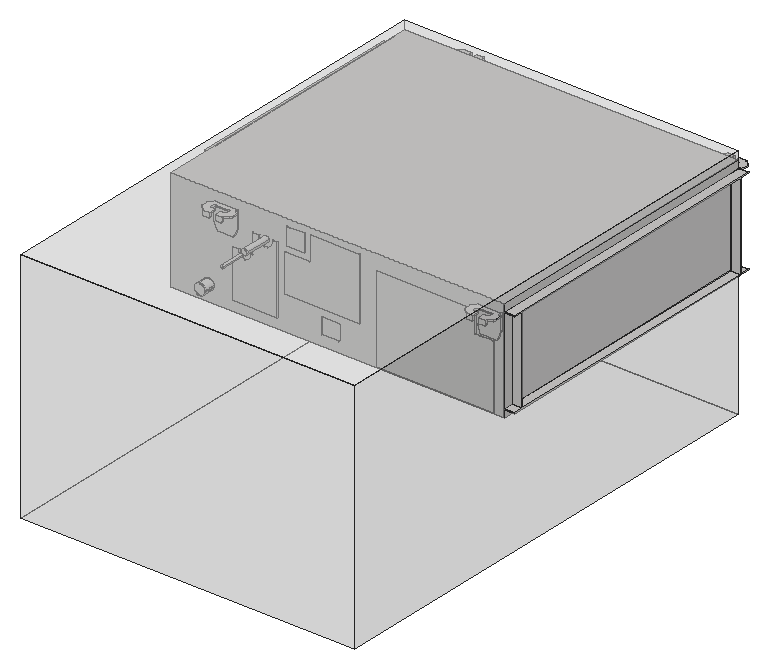
Revit family "outputfile", category 機械設備, Revit 2024
Family settings
  丸型コネクタ寸法 = 半径を使用
  パーツ タイプ = 標準
  OmniClass 番号 = 23.75.10.24.21.27.27
  OmniClass タイトル = Split System Air Conditioning Units
  作業面ベース = いいえ
  常に垂直 = はい
  ロード時にボイドで切り取り = いいえ
  注釈の向きを維持 = いいえ
  共有 = いいえ
  部屋計算ポイント = はい
Parameters (values of type "FBFC50DVMG")
  Description = ""
  製造元 = "Daikin"
  書き出し IFC クラス(タイプ) = "IfcUnitaryEquipmentType"
  定義済み IFC タイプ(タイプ) = "AIRCONDITIONINGUNIT"
  Cost = 0
  モデル = "FBFC50DVMG"
  Type Comments = ""
  Keynote = ""
  Type Image = (empty or 0)
  Assembly Code = ""
  switch_frequency = yes
  r_Liquid Pipe Size = Liquid Pipe Size / 2  # 3.2 mm
  r_Gas Pipe Size = Gas Pipe Size / 2  # 6.35 mm
  r_Drain Pipe Size = Drain Pipe Size / 2  # 12.5 mm
  lw_power = 770.0 mm  # constant formula
  lh_SA = 138.0 mm  # constant formula
  lw_SA = if(Depth = 550.0 mm, 225.0 mm, if(Depth = 700.0 mm, 300.0 mm, if(Depth = 1000.0 mm, 450.0 mm, if(Depth = 1400.0 mm, 650.0 mm, 725.0 mm))))  # 300.0 mm
  lw_RA = if(Depth = 550.0 mm, 275.0 mm, if(Depth = 700.0 mm, 349.0 mm, if(Depth = 1000.0 mm, 499.0 mm, if(Depth = 1400.0 mm, 699.0 mm, 775.0 mm))))  # 349.0 mm
  lh_power = 60.0 mm + [h***]  # 60.0 mm
  lh_mountinghole1 = lh_mountinghole + [h***]  # 222.0 mm
  lh_RA = 123.0 mm  # constant formula
  ld_power = Depth / 2  # 350.0 mm
  connector_voltage = Voltage_50Hz  # 230 V
  connector_powerinput = [Power Input (Cooling)]  # 0.000 kW
  connector_phase = Phase_50Hz  # 1
  Voltage_comment_50Hz = "220 - 240"
  Voltage_50Hz = 230 V
  URL = ""
  Supply Air Direction [instance] = yes
  Sound Power Level_H speed (dB) = 0
  Phase_50Hz = 1
  Minimum External Static Pressure = 30.00 Pa
  Minimum Circuit Amps_50Hz = 0.0 A
  Maximum Fuse Amps_50Hz = 0.0 A
  Maximum External Static Pressure = 130.00 Pa
  Material_Casing = DAIKIN_GalvanizedSteel_Casing_indoorunit
  lw_mountinghole = 630.0 mm  # constant formula
  lh_gaspipe = 183.0 mm + [h***]  # 183.0 mm
  lh_mountinghole = 222.0 mm  # constant formula
  lh_liquidpipe = 136.0 mm + [h***]  # 136.0 mm
  lh_drainpipe = 38.0 mm + [h***]  # 38.0 mm
  lh_antena = Height - lh_mountinghole + 1.0 mm  # 24.0 mm
  ld_drainpipe = Depth / 2 + 26.0 mm  # 376.0 mm
  ld_liquidpipe = Depth / 2 + 69.0 mm  # 419.0 mm
  ld_gaspipe = Depth / 2 + 65.0 mm  # 415.0 mm
  ld_mountinghole = Depth + 38.0 mm  # 738.0 mm
  h*** = 0.0 mm  # constant formula
  lw_liquidpipe = 179.0 mm  # constant formula
  lw_gaspipe = 229.0 mm  # constant formula
  lw_drainpipe = 91.0 mm  # constant formula
  Width = 800.0 mm
  Version = "ver.1.0"
  Unit Type = "M.S.P. Duct"
  Unit Mass Weight = 26.00 kg
  Unit Designation [instance] = ""
  Uniclass2015Version = "Products v1.30"
  Uniclass2015Title = "Split coil room air conditioning units"
  Uniclass2015Code = "Pr_70_65_03_86"
  Total Cooling Capacity [instance] = 0.000 kW
  Sound Pressure Level_M speed (dBA) = 35
  Sound Pressure Level_L speed (dBA) = 30
  Sound Pressure Level_H speed (dBA) = 37
  Series = "SkyAir_Fan Coil Unit"
  Sensible Cooling Capacity [instance] = 0.000 kW
  SA Duct Size Width = 492.0 mm
  SA Duct Size Height = 176.0 mm
  Refrigerant Type = "R32"
  RA Duct Size Width = 654.0 mm
  RA Duct Size Height = 208.0 mm
  Power Input (Cooling) = 0.000 kW
  Option Accessory 3 [instance] = ""
  Option Accessory 2 [instance] = ""
  Option Accessory 1 [instance] = ""
  Nominal Cooling Capacity = 5.000 kW
  Minimum Airflow = 540.00 m³/h
  Median Airflow = 720.00 m³/h
  Maximum Airflow = 930.00 m³/h
  Load Classification = HVAC
  Liquid Pipe Size = 6.4 mm
  Link_Nested Family [instance] = ""
  IfcVersion = ""
  IfcExportType = "AIRCONDITIONINGUNIT"
  IfcExportAs = "IfcUnitaryEquipmentType"
  Height = 245.0 mm
  Heat Exchanger Type = "Cross Fin Coil"
  Gas Pipe Size = 12.7 mm
  Frequency_50Hz = 50 Hz
  Fan Type = "Sirocco Fan"
  Fan Drive = "Direct Drive"
  FCU Tag No. [instance] = ""
  Drain Pipe Size = 25.0 mm
  Design Supply Airflow [instance] = 0.00 m³/h
  Design Return Airflow [instance] = 0.00 m³/h
  Design External Static Pressure [instance] = 0.00 Pa
  Depth = 700.0 mm
  既定の高さ = 0.0 mm
  Cooling Entering Wet Bulb Temperature [instance] = 0.00 °C
  Cooling Entering Dry Bulb Temperature [instance] = 0.00 °C
  Cooling Ambient Wet Bulb Temperature [instance] = 0.00 °C
  Cooling Ambient Dry Bulb Temperature [instance] = 0.00 °C
  Clearance visibility [instance] = yes
  Clearance Top = 20.0 mm
  Clearance Right = 0.0 mm
  Clearance Rear = 0.0 mm
  Clearance Left = 0.0 mm
  Clearance Front = 450.0 mm
  Clearance Bottom = 300.0 mm
Reference planes
  plane 1 "Center (Front/Back)": y = 0
  plane 2 "h": z = 0
  plane 3 "Center (Left/Right)": x = 0
  plane 4 "Back": y = 350
  plane 5 "Front": y = -350
  plane 6 "Left": x = -400
  plane 7 "Right": x = 400
  plane 8 "Top": z = 0
  plane 9 "Bottom": z = -245
  plane 10: y = -215
  plane 11: y = 350
  plane 12: y = -800
  plane 13: x = -400
  plane 14: x = 400
  plane 15: z = 20
  plane 16: z = -545
  plane 17: x = -400
  plane 18: x = -399
  plane 19: x = 399
  plane 20: y = 50
  plane 21: y = -1
  plane 22: z = -122
  plane 23: y = -351
  plane 24: z = -109
  plane 25: x = -221
  plane 26: y = -415
  plane 27: z = -62
  plane 28: x = -171
  plane 29: y = -376
  plane 30: z = -207
  plane 31: x = -309
  plane 32: x = -309
  plane 33: x = -221
  plane 34: x = -171
  plane 35: x = 370
  plane 36: x = -266
  plane 37: x = 364
  plane 38: y = -369
  plane 39: y = 369
  plane 40: z = -23
  plane 41: z = -107
  plane 42: y = -419
  plane 43: z = -207
  plane 44: x = -309
  plane 45: y = -376
  plane 46: x = -251
  plane 47: x = -203
  plane 48: x = -144
  plane 49: z = -59
  plane 50: z = -106
  plane 51: z = -221
  plane 52: z = -109
  plane 53: x = -221
  plane 54: z = -62
  plane 55: x = -171
  plane 56: z = -17
  plane 57: z = -59
  plane 58: x = -121
  plane 59: x = -79
  plane 60: x = -125
  plane 61: x = -64
  plane 62: x = 53
  plane 63: z = -164
  plane 64: z = -73
  plane 65: z = -16
  plane 66: x = 93.5
  plane 67: x = 374.5
  plane 68: x = 330
  plane 69: z = -88.5
  plane 70: z = -38
  plane 71: z = -242.5
  plane 72: x = -38.5
  plane 73: x = 6.5
  plane 74: z = -181
  plane 75: z = -221
  plane 76: y = -349
  plane 77: x = -424
  plane 78: x = 424
Forms (mm)
  Extrusion 1, solid, material "DAIKIN_GalvanizedSteel_Casing_indoorunit" <- "Material_Casing"
    sketch origin (0, 0, 0) x (1, 0, 0) y (0, 1, 0)
      loop
        line (-399, 350) -> (-399, -350) -> (399, -350) -> (399, 350) -> (-399, 350)
    from -245 to 0
  Extrusion 2, solid, material "DAIKIN_GalvanizedSteel_Casing_indoorunit" <- "Material_Casing"
    sketch origin (0, 0, 0) x (1, 0, 0) y (0, 0, 1)
      loop
        line (-251, -221) -> (-144, -221) -> (-144, -59) -> (-154.47, -59)
        arc (-154.47, -59) -> (-171, -78.8) -> (-187.53, -59) r 16.8
        line (-187.53, -59) -> (-203, -59) -> (-203, -106) -> (-206.916, -106)
        arc (-206.916, -106) -> (-221, -123.4) -> (-235.084, -106) r 14.4
        line (-235.084, -106) -> (-251, -106) -> (-251, -221)
    from 350 to 351
  Extrusion 3, solid, material "DAIKIN_GalvanizedSteel_Casing_indoorunit" <- "Material_Casing"
    sketch origin (0, 0, 0) x (1, 0, 0) y (0, 0, 1)
      loop
        line (-121, -17) -> (-121, -59) -> (-79, -59) -> (-79, -17) -> (-121, -17)
      loop
        line (-125, -73) -> (-125, -164) -> (53, -164) -> (53, -16) -> (-64, -16) -> (-64, -73) -> (-125, -73)
    from 350 to 351
  Extrusion 4, solid, material "DAIKIN_GalvanizedSteel_Casing_indoorunit" <- "Material_Casing"
    sketch origin (0, 0, 0) x (1, 0, 0) y (0, 0, 1)
      loop
        line (93.5, -38) -> (93.5, -242.5) -> (374.5, -242.5) -> (374.5, -88.5) -> (330, -88.5) -> (330, -38) -> (93.5, -38)
    from 350 to 351
  Extrusion 5, solid, material "DAIKIN_GalvanizedSteel_Casing_indoorunit" <- "Material_Casing"
    sketch origin (0, 0, 0) x (1, 0, 0) y (0, 0, 1)
      loop
        circle (-221, -109) r 3.2
    from 350 to 419
  Extrusion 6, solid, material "DAIKIN_GalvanizedSteel_Casing_indoorunit" <- "Material_Casing"
    sketch origin (0, 0, 0) x (1, 0, 0) y (0, 0, 1)
      loop
        circle (-171, -62) r 6.35
    from 350 to 415
  Extrusion 7, solid, material "DAIKIN_GalvanizedSteel_Casing_indoorunit" <- "Material_Casing"
    sketch origin (0, 0, 0) x (1, 0, 0) y (0, 0, 1)
      loop
        circle (-309, -207) r 12.5
    from 351 to 376
  Extrusion 8, solid, material "DAIKIN_GalvanizedSteel_Casing_indoorunit" <- "Material_Casing"
    sketch origin (0, 0, 0) x (1, 0, 0) y (0, 0, 1)
      loop
        circle (-309, -207) r 13
    from 350 to 376
  Extrusion 9, void
    sketch origin (0, 0, 0) x (1, 0, 0) y (0, 0, 1)
      loop
        line (-38.5, -181) -> (-38.5, -221) -> (6.5, -221) -> (6.5, -181) -> (-38.5, -181)
    from 349 to 350
Cuts and joins
  Extrusion 9 cuts Extrusion 1
Dimensions and locks
  "Height": plane 8 "Top" to plane 9 "Bottom"
  equal spacing: plane 4 "Back", plane 1 "Center (Front/Back)", plane 5 "Front"
  "Depth": plane 4 "Back" to plane 5 "Front"
  equal spacing: plane 6 "Left", plane 3 "Center (Left/Right)", plane 7 "Right"
  "Width": plane 6 "Left" to plane 7 "Right"
  "Clearance Left": plane 13 to plane 6 "Left"
  "Clearance Right": plane 7 "Right" to plane 14
  "Clearance Rear": plane 11 to plane 4 "Back"
  "Clearance Front": plane 5 "Front" to plane 12
  "Clearance Top": plane 15 to plane 8 "Top"
  "Clearance Bottom": plane 9 "Bottom" to plane 16
  locked: plane 17 to plane 18 at 1
  locked: plane 19 to plane 14 at 1
  "lw_SA": plane 11 to plane 20
  "lw_RA": plane 21 to plane 5 "Front"
  "lh_RA": plane 22 to plane 9 "Bottom"
  locked: plane 5 "Front" to plane 23 at 1
  "lw_liquidpipe": plane 25 to plane 6 "Left"
  "lh_liquidpipe": plane 24 to plane 9 "Bottom"
  "lh_gaspipe": plane 27 to plane 9 "Bottom"
  "lw_gaspipe": plane 28 to plane 6 "Left"
  "ld_gaspipe": plane 26 to plane 1 "Center (Front/Back)"
  "ld_drainpipe": plane 29 to plane 1 "Center (Front/Back)"
  "lh_drainpipe": plane 30 to plane 9 "Bottom"
  "lw_drainpipe": plane 31 to plane 6 "Left"
  "lw_drainpipe": plane 6 "Left" to plane 32
  "lw_liquidpipe": plane 6 "Left" to plane 33
  "lw_gaspipe": plane 6 "Left" to plane 34
  "lw_power": plane 6 "Left" to plane 35
  locked: plane 17 to plane 36 at 134
  "lw_mountinghole": plane 36 to plane 37
  equal spacing: plane 38, plane 1 "Center (Front/Back)", plane 39
  "ld_mountinghole": plane 39 to plane 38
  "lh_mountinghole": plane 40 to plane 9 "Bottom"
  "lh_SA": plane 41 to plane 9 "Bottom"
  locked: plane 44 to plane 6 "Left" at 91
  locked: plane 43 to plane 9 "Bottom" at 38
  locked: plane 5 "Front" to plane 45 at 26
  plane 48 to plane 47 to plane 46 to plane 6 "Left" = 59.0 mm, 48.0 mm, 149.0 mm
  plane 8 "Top" to plane 49 to plane 50 to plane 51 = 59.0 mm locked, 47.0 mm locked, 115.0 mm locked
  plane 55 to plane 53 to plane 6 "Left" = 50.0 mm locked, 179.0 mm locked
  plane 54 to plane 52 to plane 9 "Bottom" = 47.0 mm locked, 136.0 mm locked
  plane 59 to plane 58 to plane 6 "Left" = 42.0 mm locked, 279.0 mm locked
  plane 8 "Top" to plane 56 to plane 57 = 17.0 mm locked, 42.0 mm locked
  plane 62 to plane 61 to plane 60 to plane 6 "Left" = 117.0 mm, 61.0 mm, 275.0 mm
  plane 8 "Top" to plane 65 to plane 64 = 16.0 mm locked, 57.0 mm locked
  locked: plane 65 to plane 63 at 148
  plane 8 "Top" to plane 70 to plane 69 to plane 71 = 38.0 mm locked, 50.5 mm locked, 154.0 mm locked
  plane 67 to plane 68 to plane 66 to plane 6 "Left" = 44.5 mm locked, 236.5 mm locked, 493.5 mm locked
  plane 8 "Top" to plane 74 to plane 75 = 181.0 mm locked, 40.0 mm locked
  plane 73 to plane 72 to plane 6 "Left" = 45.0 mm, 361.5 mm
  locked: plane 76 to plane 5 "Front" at 1
  locked: plane 77 to plane 17 at 24
  locked: plane 14 to plane 78 at 24
  "ld_liquidpipe": plane 42 to plane 1 "Center (Front/Back)"
  "r_Liquid Pipe Size": radius of Extrusion 5 sketch curve
  "r_Gas Pipe Size": radius of Extrusion 6 sketch curve
  "r_Drain Pipe Size": radius of Extrusion 7 sketch curve
  aligned and locked: level to plane 2 "h"
  aligned and locked: plane 8 "Top" to Extrusion 1
  aligned and locked: Extrusion 1 to plane 9 "Bottom"
  aligned and locked: nested 5 to plane 12
  aligned and locked: plane 13 to nested 5
  aligned and locked: plane 14 to nested 5
  aligned and locked: nested 5 to plane 13
  aligned and locked: plane 11 to nested 5
  aligned and locked: plane 15 to nested 5
  aligned and locked: plane 16 to nested 5
  aligned and locked: plane 5 "Front" to Extrusion 1 sketch curve
  aligned and locked: Extrusion 1 to plane 18
  aligned and locked: plane 19 to Extrusion 1
  aligned and locked: nested 7 to plane 18
  aligned and locked: nested 7 to plane 20
  aligned and locked: plane 19 to nested 8
  aligned and locked: plane 21 to nested 8
  aligned and locked: plane 22 to nested 8
  aligned and locked: Extrusion 2 to plane 23
  aligned and locked: plane 5 "Front" to Extrusion 2
  aligned and locked: Extrusion 3 to plane 23
  aligned and locked: plane 5 "Front" to Extrusion 3
  aligned and locked: plane 5 "Front" to Extrusion 4
  aligned and locked: Extrusion 5 sketch curve to plane 25
  aligned and locked: plane 24 to Extrusion 5 sketch curve
  aligned and locked: plane 5 "Front" to Extrusion 5
  aligned and locked: Extrusion 6 sketch curve to plane 28
  aligned and locked: plane 27 to Extrusion 6 sketch curve
  aligned and locked: plane 5 "Front" to Extrusion 6
  aligned and locked: Extrusion 7 sketch curve to plane 31
  aligned and locked: plane 30 to Extrusion 7 sketch curve
  aligned and locked: Extrusion 7 to plane 29
  aligned and locked: plane 23 to Extrusion 7
  aligned and locked: nested 3 to plane 29
  aligned and locked: plane 32 to nested 3
  aligned and locked: nested 2 to plane 33
  aligned and locked: nested 1 to plane 34
  aligned and locked: Extrusion 6 to plane 26
  aligned and locked: nested 1 to plane 26
  aligned and locked: nested 6 to plane 5 "Front"
  aligned and locked: nested 6 to plane 35
  aligned and locked: plane 36 to nested 10
  aligned and locked: nested 10 to plane 5 "Front"
  aligned and locked: plane 37 to nested 9
  aligned and locked: nested 9 to plane 5 "Front"
  aligned and locked: nested 11 to plane 36
  aligned and locked: plane 4 "Back" to nested 11
  aligned and locked: nested 12 to plane 37
  aligned and locked: plane 4 "Back" to nested 12
  aligned and locked: plane 40 to nested 10
  aligned and locked: plane 40 to nested 11
  aligned and locked: plane 40 to nested 9
  aligned and locked: plane 40 to nested 12
  aligned and locked: plane 36 to nested 14
  aligned and locked: nested 14 to plane 39
  aligned and locked: plane 37 to nested 13
  aligned and locked: nested 13 to plane 39
  aligned and locked: plane 37 to nested 16
  aligned and locked: plane 38 to nested 16
  aligned and locked: plane 38 to nested 15
  aligned and locked: plane 36 to nested 15
  aligned and locked: plane 17 to plane 6 "Left"
  aligned and locked: plane 41 to nested 7
  aligned and locked: Extrusion 5 to plane 42
  aligned and locked: nested 2 to plane 42
  aligned and locked: Extrusion 8 sketch curve to plane 44
  aligned and locked: plane 43 to Extrusion 8 sketch curve
  aligned and locked: plane 5 "Front" to Extrusion 8
  aligned and locked: plane 45 to Extrusion 8
  aligned and locked: Extrusion 3 sketch curve to plane 56
  aligned and locked: Extrusion 3 sketch curve to plane 58
  aligned and locked: plane 57 to Extrusion 3 sketch curve
  aligned and locked: plane 59 to Extrusion 3 sketch curve
  aligned and locked: Extrusion 4 to plane 23
  aligned and locked: Extrusion 9 sketch curve to plane 74
  aligned and locked: plane 75 to Extrusion 9 sketch curve
  aligned and locked: plane 73 to Extrusion 9 sketch curve
  aligned and locked: plane 5 "Front" to Extrusion 9
  aligned and locked: plane 76 to Extrusion 9
  aligned and locked: nested 17 to plane 20
  aligned and locked: nested 17 to plane 77
  aligned and locked: plane 21 to nested 18
  aligned and locked: plane 78 to nested 18
  aligned and locked: plane 41 to nested 17
  aligned and locked: nested 18 to plane 22
  aligned and locked: nested 4 to plane 3 "Center (Left/Right)"
  aligned and locked: plane 1 "Center (Front/Back)" to nested 4
  aligned and locked: level to plane 8 "Top"
Automatic sketch dimensions
  plane 6 "Left" to Extrusion 1 sketch curve = 1.0 mm
  Extrusion 1 sketch curve to plane 7 "Right" = 1.0 mm
  Extrusion 1 sketch curve to plane 4 "Back" = 0.0 mm
  Extrusion 2 sketch curve to plane 46 = 0.0 mm
  Extrusion 2 sketch curve to plane 33 = 0.0 mm
  Extrusion 2 sketch curve to plane 47 = 0.0 mm
  Extrusion 2 sketch curve to plane 34 = 0.0 mm
  Extrusion 2 sketch curve to plane 48 = 0.0 mm
  Extrusion 2 sketch curve to plane 51 = 0.0 mm
  Extrusion 2 sketch curve to plane 52 = 0.0 mm
  Extrusion 2 sketch curve to plane 50 = 0.0 mm  (x3)
  Extrusion 2 sketch curve to plane 54 = 0.0 mm
  Extrusion 2 sketch curve to plane 49 = 0.0 mm  (x3)
  plane 33 to Extrusion 2 sketch curve = 14.084 mm
  plane 34 to Extrusion 2 sketch curve = 16.53 mm
  Extrusion 3 sketch curve to plane 60 = 0.0 mm
  Extrusion 3 sketch curve to plane 61 = 0.0 mm
  Extrusion 3 sketch curve to plane 62 = 0.0 mm
  Extrusion 3 sketch curve to plane 63 = 0.0 mm
  Extrusion 3 sketch curve to plane 64 = 0.0 mm
  Extrusion 3 sketch curve to plane 65 = 0.0 mm
  Extrusion 4 sketch curve to plane 66 = 0.0 mm
  Extrusion 4 sketch curve to plane 68 = 0.0 mm
  Extrusion 4 sketch curve to plane 67 = 0.0 mm
  Extrusion 4 sketch curve to plane 71 = 0.0 mm
  Extrusion 4 sketch curve to plane 69 = 0.0 mm
  Extrusion 4 sketch curve to plane 70 = 0.0 mm
  Extrusion 9 sketch curve to plane 72 = 0.0 mm
  radius of Extrusion 8 sketch curve = 13.0 mm
Nested families
  nested 1: "daikin_connector_rotate2" at (-171, 0, -62), length <- "ld_gaspipe", built-in parameter 1001364 <- "lh_gaspipe", radius <- "r_Gas Pipe Size", type "daikin_connector_rotate2"
    with radius 6.35 mm, length 415.0 mm, angle_vertical 90.00°
  nested 2: "daikin_connector_rotate2" at (-221, 0, -109), length <- "ld_liquidpipe", built-in parameter 1001364 <- "lh_liquidpipe", radius <- "r_Liquid Pipe Size", type "daikin_connector_rotate2"
    with radius 3.2 mm, length 419.0 mm, angle_vertical 90.00°
  nested 3: "daikin_connector_rotate2" at (-309, 0, -207), length <- "ld_drainpipe", built-in parameter 1001364 <- "lh_drainpipe", radius <- "r_Drain Pipe Size", type "daikin_connector_rotate2"
    with radius 12.5 mm, length 376.0 mm, angle_vertical 90.00°
  nested 4: "daikin_△_symbolicline" at (0, 0, 245) x (0, -1, 0) z (0, 0, 1), built-in parameter 1001364 <- "Height", visible <- "Supply Air Direction", type "daikin_△_symbolicline"
    with length 200.0 mm
  nested 5: "daikin_clearancespace" at (0, -225, -262.381), visible <- "Clearance visibility", show <- "Clearance visibility", Link_Nested Family <- "Link_Nested Family", type "daikin_clearancespace"
    with width 800.0 mm, show yes, height 565.0 mm, depth 1150.0 mm, Link_Nested Family ""
  nested 6: "daikin_connector_rotate2" at (370, 0, -185), built-in parameter 1001364 <- "lh_power", length <- "ld_power", type "daikin_connector_rotate2"
    with radius 10.0 mm, length 350.0 mm, angle_vertical 90.00°
  nested 7: "daikin_ductflange_FBFC-DVMG2" at (-399, 50, -107) x (0, -1, 0) z (0, 0, 1), type "daikin_ductflange_FBFC-DVMG2"
    with width 492.0 mm, w 700.0 mm
  nested 8: "daikin_ductflange_FBFC-DVMG" at (399, -1, -122) x (0, 1, 0) z (0, 0, 1), type "daikin_ductflange_FBFC-DVMG"
  nested 9: "daikin_hangerfixture_FBFC-DVMG" at (364, -350, -23), type "daikin_hangerfixture_FBFC-DVMG"
  nested 10: "daikin_hangerfixture_FBFC-DVMG" at (-266, -350, -23), type "daikin_hangerfixture_FBFC-DVMG"
  nested 11: "daikin_hangerfixture_FBFC-DVMG" at (-266, 350, -23) x (-1, 0, 0) z (0, 0, 1), type "daikin_hangerfixture_FBFC-DVMG"
  nested 12: "daikin_hangerfixture_FBFC-DVMG" at (364, 350, -23) x (-1, 0, 0) z (0, 0, 1), type "daikin_hangerfixture_FBFC-DVMG"
  nested 13: "daikin_mountinghole" at (364, 369, -245), h_mountinghole <- "lh_mountinghole1", l_antenna <- "lh_antena", Link_Nested Family <- "Link_Nested Family", type "daikin_mountinghole"
    with show yes, l_antenna 24.0 mm, h_mountinghole 222.0 mm, Link_Nested Family ""
  nested 14: "daikin_mountinghole" at (-266, 369, -245), h_mountinghole <- "lh_mountinghole1", l_antenna <- "lh_antena", Link_Nested Family <- "Link_Nested Family", type "daikin_mountinghole"
    with show yes, l_antenna 24.0 mm, h_mountinghole 222.0 mm, Link_Nested Family ""
  nested 15: "daikin_mountinghole" at (-266, -369, -245), h_mountinghole <- "lh_mountinghole1", l_antenna <- "lh_antena", Link_Nested Family <- "Link_Nested Family", type "daikin_mountinghole"
    with show yes, l_antenna 24.0 mm, h_mountinghole 222.0 mm, Link_Nested Family ""
  nested 16: "daikin_mountinghole" at (364, -369, -245), h_mountinghole <- "lh_mountinghole1", l_antenna <- "lh_antena", Link_Nested Family <- "Link_Nested Family", type "daikin_mountinghole"
    with show yes, l_antenna 24.0 mm, h_mountinghole 222.0 mm, Link_Nested Family ""
  nested 17: "daikin_connector_rotate2" at (-400, 50, -107) x (0, -1, 0) z (0, 0, 1), type "daikin_connector_rotate2"
    with radius 10.0 mm, length 24.0 mm, angle_vertical 90.00°
  nested 18: "daikin_connector_rotate2" at (400, -1, -122) x (0, 1, 0) z (0, 0, 1), type "daikin_connector_rotate2"
    with radius 10.0 mm, length 24.0 mm, angle_vertical 90.00°
Connectors
  piping at (-309, -376, -207), diameter 25, driven by "r_Drain Pipe Size"
    settings: on nested 3, index 3, connector inside diameter 609.6 mm, connector length 0.0 mm, flow factor 0, pipe flow 0.00 m³/h, pressure drop 0.0 Pa, fitting loss kfactor 0, connector angle 0.00°, fixture units 0, engagement length 0.0 mm, angle of deflection 0.00°, flow configuration 1, flow direction 2, fitting loss method 4, system type 16, joint type 0, gender type 0, connector reference index -1, connector utility 0, adjustable connector no, is connector primary yes, connector description "Condensate Drain Piping"
  piping at (-171, -415, -62), diameter 12.7, driven by "r_Gas Pipe Size"
    settings: on nested 1, index 4, connector inside diameter 609.6 mm, connector length 0.0 mm, flow factor 0, pipe flow 0.00 m³/h, pressure drop 0.0 Pa, fitting loss kfactor 0, connector angle 0.00°, fixture units 0, engagement length 0.0 mm, angle of deflection 0.00°, flow configuration 1, flow direction 2, fitting loss method 0, system type 29, joint type 0, gender type 0, connector reference index -1, connector utility 0, adjustable connector no, is connector primary no, connector description "Refrigerant Gas Piping"
  piping at (-221, -419, -109), diameter 6.4, driven by "r_Liquid Pipe Size"
    settings: on nested 2, index 5, connector inside diameter 609.6 mm, connector length 0.0 mm, flow factor 0, pipe flow 0.00 m³/h, pressure drop 0.0 Pa, fitting loss kfactor 0, connector angle 0.00°, fixture units 0, engagement length 0.0 mm, angle of deflection 0.00°, flow configuration 1, flow direction 1, fitting loss method 0, system type 29, joint type 0, gender type 0, connector reference index -1, connector utility 0, adjustable connector no, is connector primary no, connector description "Refrigerant Liquid Piping"
  electrical at (370, -350, -185), driven by "Load Classification", driven by "connector_powerinput", driven by "connector_voltage", driven by "connector_phase"
    settings: on nested 6, index 6, voltage 230 V, apparent load 0 VA, apparent load phase1 0 VA, apparent load phase2 0 VA, apparent load phase3 0 VA, power factor 1, load classification "HVAC", number of poles 1, system type 30, power factor state 1, is connector primary yes, connector utility no, sub classification motor no, connector description "Power Supply"
  hvac at (-424, 50, -107), driven by "SA Duct Size Height", driven by "SA Duct Size Width"
    settings: on nested 17, index 7, duct flow 0.00 m³/h, flow factor 0, pres drop 0.00 Pa, loss coef 0, conn angle 0.00°, conn width 492.0 mm, conn height 176.0 mm, conn diameter 609.6 mm, duct sys type 1, conn prof type 1, flow config 0, flow direction 2, loss method 4, conn ref index -1, conn util no, is conn primary yes, conn desc "SA Duct"
  hvac at (424, -1, -122), driven by "RA Duct Size Height", driven by "RA Duct Size Width"
    settings: on nested 18, index 8, duct flow 0.00 m³/h, flow factor 0, pres drop 0.00 Pa, loss coef 0, conn angle 0.00°, conn width 654.0 mm, conn height 208.0 mm, conn diameter 609.6 mm, duct sys type 2, conn prof type 1, flow config 0, flow direction 1, loss method 4, conn ref index -1, conn util no, is conn primary no, conn desc "RA Duct"
Definition of nested family "daikin_clearancespace"
  Parameters (values of type "daikin_clearancespace")
    Description = "daikin_clearancespace"
    width [instance] = 1823.963 mm
    show [instance] = yes
    material = none
    height [instance] = 1359.762 mm
    depth [instance] = 880.0 mm
    Default Elevation = 0.0 mm
    Link_Nested Family [instance] = ""
  Reference planes
    plane 1 "Center (Front/Back)": y = 0
    plane 2 "Center (Elevation)": z = -0.119
    plane 3 "Center (Left/Right)": x = 0
    plane 4: y = 440
    plane 5: y = -440
    plane 6 "Right": x = 911.982
    plane 7 "Left": x = -911.982
    plane 8 "Top": z = 679.762
    plane 9 "Bottom": z = -680
  Forms (mm)
    Extrusion 1, solid, material <- "material", visible <- "show"
      sketch origin (0, 0, 0) x (1, 0, 0) y (0, 1, 0)
        loop
          line (-911.982, 440) -> (-911.982, -440) -> (911.982, -440) -> (911.982, 440) -> (-911.982, 440)
      from -680 to 679.762
  Lines and regions (mm)
    symbolic lines, visible <- "show"
      curve 1: line (911.982, 440, 0) -> (-911.982, 440, 0)
      curve 2: line (-911.982, 440, 0) -> (-911.982, -440, 0)
      curve 3: line (-911.982, -440, 0) -> (911.982, -440, 0)
      curve 4: line (911.982, -440, 0) -> (911.982, 440, 0)
      curve 5: line (911.982, 0, 679.762) -> (-911.982, 0, 679.762)
      curve 6: line (911.982, 0, -680) -> (911.982, 0, 679.762)
      curve 7: line (-911.982, 0, -680) -> (911.982, 0, -680)
      curve 8: line (-911.982, 0, 679.762) -> (-911.982, 0, -680)
      curve 9: line (0, 440, 679.762) -> (0, -440, 679.762)
      curve 10: line (0, -440, 679.762) -> (0, -440, -680)
      curve 11: line (0, 440, -680) -> (0, 440, 679.762)
      curve 12: line (0, -440, -680) -> (0, 440, -680)
  Dimensions and locks
    "width": plane 7 "Left" to plane 6 "Right"
    "depth": plane 4 to plane 5
    "height": plane 8 "Top" to plane 9 "Bottom"
    equal spacing: plane 7 "Left", plane 3 "Center (Left/Right)", plane 6 "Right"
    equal spacing: plane 4, plane 1 "Center (Front/Back)", plane 5
    equal spacing: plane 8 "Top", plane 2 "Center (Elevation)", plane 9 "Bottom"
    aligned and locked: level to plane 2 "Center (Elevation)"
    aligned and locked: Extrusion 1 sketch curve to plane 4
    aligned and locked: plane 7 "Left" to Extrusion 1 sketch curve
    aligned and locked: Extrusion 1 sketch curve to plane 5
    aligned and locked: Extrusion 1 sketch curve to plane 6 "Right"
    aligned and locked: plane 8 "Top" to Extrusion 1
    aligned and locked: curve 1 to Extrusion 1
    aligned and locked: curve 2 to Extrusion 1
    aligned and locked: curve 3 to Extrusion 1
    aligned and locked: curve 4 to Extrusion 1
    aligned and locked: curve 5 to Extrusion 1
    aligned and locked: curve 6 to Extrusion 1
    aligned and locked: curve 7 to Extrusion 1
    aligned and locked: curve 8 to Extrusion 1
    aligned and locked: curve 9 to Extrusion 1
    aligned and locked: curve 10 to Extrusion 1
    aligned and locked: curve 11 to Extrusion 1
    aligned and locked: curve 12 to Extrusion 1
    aligned and locked: Extrusion 1 to plane 9 "Bottom"
Definition of nested family "daikin_ductflange_FBFC-DVMG2"
  Parameters (values of type "daikin_ductflange_FBFC-DVMG2")
    width = if(w = 550.0 mm, 337.0 mm, if(w = 700.0 mm, 492.0 mm, if(w = 1000.0 mm, 792.0 mm, if(w = 1400.0 mm, 1192.0 mm, 1337.0 mm))))  # 1192.0 mm
    material = none
    height = 215.0 mm
    depth = 1.0 mm
    w = 1400.0 mm
    Default Elevation = 0.0 mm
  Reference planes
    plane 1 "Center (Front/Back)": y = 0
    plane 2: z = 0
    plane 3 "Center (Left/Right)": x = 0
    plane 4: z = 88
    plane 5: z = -88
    plane 6: y = -25
    plane 7: z = 106
    plane 8: z = 89
    plane 9: y = -1
    plane 10: x = -617.5
    plane 11: x = 617.5
    plane 12: z = -106
    plane 13: z = -89
    plane 14: y = -1
    plane 15: x = 596
    plane 16: x = -596
    plane 17: x = 597
    plane 18: z = 87
    plane 19: z = -87
    plane 20: x = -597
    plane 21: z = 87
    plane 22: z = -87
    plane 23: y = -1
  Forms (mm)
    Extrusion 1, solid, material <- "material"
      sketch origin (0, 0, 0) x (0, 1, 0) y (0, 0, 1)
        loop
          line (-25, 88) -> (0, 88) -> (0, 106) -> (-1, 106) -> (-1, 89) -> (-25, 89) -> (-25, 88)
      from -617.5 to 617.5
    Extrusion 2, solid, material <- "material"
      sketch origin (0, 0, 0) x (0, 1, 0) y (0, 0, 1)
        loop
          line (-25, -88) -> (-25, -89) -> (-1, -89) -> (-1, -106) -> (0, -106) -> (0, -88) -> (-25, -88)
      from -617.5 to 617.5
    Extrusion 3, solid, material <- "material"
      sketch origin (0, 0, 0) x (1, 0, 0) y (0, 0, 1)
        loop
          line (596, 88) -> (596, -88) -> (617.5, -88) -> (617.5, -87) -> (597, -87) -> (597, 87) -> (617.5, 87) -> (617.5, 88) -> (596, 88)
      from 0 to 25
    Extrusion 4, solid, material <- "material"
      sketch origin (0, 0, 0) x (1, 0, 0) y (0, 0, 1)
        loop
          line (-617.5, 88) -> (-617.5, 87) -> (-597, 87) -> (-597, -87) -> (-617.5, -87) -> (-617.5, -88) -> (-596, -88) -> (-596, 88) -> (-617.5, 88)
      from 0 to 25
    Extrusion 5, solid, material <- "material"
      sketch origin (0, 0, 0) x (1, 0, 0) y (0, 0, 1)
        loop
          line (-617.5, 88) -> (-617.5, -88) -> (-596, -88) -> (-596, 88) -> (-617.5, 88)
        loop
          line (617.5, 88) -> (596, 88) -> (596, -88) -> (617.5, -88) -> (617.5, 88)
      from 0 to 1
  Cuts and joins
    joined: Extrusion 1, Extrusion 2, Extrusion 3, Extrusion 4, Extrusion 5
  Dimensions and locks
    plane 4 to level to plane 5 = 88.0 mm, 88.0 mm
    locked: plane 6 to plane 1 "Center (Front/Back)" at 25
    locked: plane 9 to plane 1 "Center (Front/Back)" at 1
    locked: plane 8 to plane 4 at 1
    locked: plane 16 to plane 10 at 21.5
    locked: plane 17 to plane 15 at 1
    locked: plane 4 to plane 18 at 1
    locked: plane 19 to plane 5 at 1
    "width": plane 15 to plane 16
    plane 4 to plane 5 = 176.0 mm
    locked: plane 16 to plane 20 at 1
    locked: plane 4 to plane 21 at 1
    locked: plane 22 to plane 5 at 1
    locked: plane 23 to plane 1 "Center (Front/Back)" at 1
    plane 4 to level to plane 5 = 88.0 mm locked, 88.0 mm locked
    locked: plane 5 to plane 13 at 1
    locked: plane 5 to plane 12 at 18
    locked: plane 7 to plane 4 at 18
    equal spacing: plane 15, plane 3 "Center (Left/Right)", plane 16
    locked: plane 11 to plane 15 at 21.5
    plane 11 to plane 10 = 1235.0 mm
    aligned and locked: level to plane 2
    aligned and locked: Extrusion 1 to plane 10
    aligned and locked: plane 11 to Extrusion 1
    aligned and locked: plane 5 to Extrusion 2
    aligned and locked: Extrusion 2 to plane 1 "Center (Front/Back)"
    aligned and locked: plane 15 to Extrusion 3 sketch curve
    aligned and locked: Extrusion 3 sketch curve to Extrusion 2  (x2)
    aligned and locked: Extrusion 3 sketch curve to plane 11
    aligned and locked: plane 6 to Extrusion 3
    aligned and locked: Extrusion 2 to plane 10
    aligned and locked: plane 11 to Extrusion 2
    aligned and locked: Extrusion 4 sketch curve to Extrusion 1  (x2)
    aligned and locked: plane 5 to Extrusion 4 sketch curve
    aligned and locked: Extrusion 4 sketch curve to plane 16
    aligned and locked: Extrusion 4 sketch curve to plane 22
    aligned and locked: plane 20 to Extrusion 4 sketch curve
    aligned and locked: plane 21 to Extrusion 4 sketch curve
    aligned and locked: Extrusion 4 to plane 1 "Center (Front/Back)"
    aligned and locked: plane 6 to Extrusion 4
    aligned and locked: Extrusion 5 sketch curve to Extrusion 1  (x4)
    aligned and locked: Extrusion 5 sketch curve to Extrusion 4  (x2)
    aligned and locked: Extrusion 5 sketch curve to Extrusion 3  (x2)
    aligned and locked: Extrusion 5 to plane 1 "Center (Front/Back)"
    aligned and locked: plane 23 to Extrusion 5
  Automatic sketch dimensions
    Extrusion 1 sketch curve to plane 6 = 0.0 mm
    Extrusion 1 sketch curve to plane 7 = 0.0 mm
    Extrusion 1 sketch curve to plane 9 = 0.0 mm
    Extrusion 1 sketch curve to plane 1 "Center (Front/Back)" = 0.0 mm
    Extrusion 1 sketch curve to plane 4 = 0.0 mm
    Extrusion 1 sketch curve to plane 8 = 0.0 mm
    Extrusion 2 sketch curve to plane 6 = 0.0 mm
    plane 12 to Extrusion 2 sketch curve = 0.0 mm
    Extrusion 2 sketch curve to plane 14 = 0.0 mm
    Extrusion 2 sketch curve to plane 1 "Center (Front/Back)" = 0.0 mm
    plane 13 to Extrusion 2 sketch curve = 0.0 mm
    Extrusion 2 sketch curve to plane 5 = 0.0 mm
    Extrusion 3 sketch curve to plane 17 = 0.0 mm
    Extrusion 3 sketch curve to plane 19 = 0.0 mm
    Extrusion 3 sketch curve to plane 18 = 0.0 mm
    Extrusion 3 sketch curve to plane 4 = 0.0 mm
    Extrusion 4 sketch curve to plane 10 = 0.0 mm
Definition of nested family "daikin_ductflange_FBFC-DVMG"
  Parameters (values of type "daikin_ductflange_FBFC-DVMG")
    width = if(w = 550.0 mm, 502.0 mm, if(w = 700.0 mm, 654.0 mm, if(w = 1000.0 mm, 952.0 mm, if(w = 1400.0 mm, 1352.0 mm, 1502.0 mm))))  # 654.0 mm
    material = none
    lw = if(width = 654.0 mm, 23.0 mm, 25.0 mm)  # 23.0 mm
    height = 208.0 mm
    depth = 1.0 mm
    w = 700.0 mm
    Default Elevation = 0.0 mm
  Reference planes
    plane 1 "Center (Front/Back)": y = 0
    plane 2: z = 0
    plane 3 "Center (Left/Right)": x = 0
    plane 4: z = 104
    plane 5: z = -104
    plane 6: y = -25
    plane 7: z = 121
    plane 8: z = 105
    plane 9: y = -1
    plane 10: x = -350
    plane 11: x = 350
    plane 12: z = -122
    plane 13: z = -105
    plane 14: y = -1
    plane 15: x = 327
    plane 16: x = -327
    plane 17: x = 328
    plane 18: z = 103
    plane 19: z = -103
    plane 20: x = -328
    plane 21: z = 103
    plane 22: z = -103
    plane 23: y = -1
  Forms (mm)
    Extrusion 1, solid, material <- "material"
      sketch origin (0, 0, 0) x (0, 1, 0) y (0, 0, 1)
        loop
          line (-25, 104) -> (0, 104) -> (0, 121) -> (-1, 121) -> (-1, 105) -> (-25, 105) -> (-25, 104)
      from -350 to 350
    Extrusion 2, solid, material <- "material"
      sketch origin (0, 0, 0) x (0, 1, 0) y (0, 0, 1)
        loop
          line (-25, -104) -> (-25, -105) -> (-1, -105) -> (-1, -122) -> (0, -122) -> (0, -104) -> (-25, -104)
      from -350 to 350
    Extrusion 3, solid, material <- "material"
      sketch origin (0, 0, 0) x (1, 0, 0) y (0, 0, 1)
        loop
          line (327, 104) -> (327, -104) -> (350, -104) -> (350, -103) -> (328, -103) -> (328, 103) -> (350, 103) -> (350, 104) -> (327, 104)
      from 0 to 25
    Extrusion 4, solid, material <- "material"
      sketch origin (0, 0, 0) x (1, 0, 0) y (0, 0, 1)
        loop
          line (-350, 104) -> (-350, 103) -> (-328, 103) -> (-328, -103) -> (-350, -103) -> (-350, -104) -> (-327, -104) -> (-327, 104) -> (-350, 104)
      from 0 to 25
    Extrusion 5, solid, material <- "material"
      sketch origin (0, 0, 0) x (1, 0, 0) y (0, 0, 1)
        loop
          line (-350, 104) -> (-350, -104) -> (-327, -104) -> (-327, 104) -> (-350, 104)
        loop
          line (350, 104) -> (327, 104) -> (327, -104) -> (350, -104) -> (350, 104)
      from 0 to 1
  Cuts and joins
    joined: Extrusion 1, Extrusion 2, Extrusion 3, Extrusion 4, Extrusion 5
  Dimensions and locks
    plane 4 to level to plane 5 = 104.0 mm, 104.0 mm
    locked: plane 6 to plane 1 "Center (Front/Back)" at 25
    locked: plane 9 to plane 1 "Center (Front/Back)" at 1
    locked: plane 8 to plane 4 at 1
    "lw": plane 11 to plane 15
    "lw": plane 16 to plane 10
    locked: plane 17 to plane 15 at 1
    locked: plane 4 to plane 18 at 1
    locked: plane 19 to plane 5 at 1
    "width": plane 15 to plane 16
    equal spacing: plane 15, plane 3 "Center (Left/Right)", plane 16
    locked: plane 16 to plane 20 at 1
    locked: plane 4 to plane 21 at 1
    locked: plane 22 to plane 5 at 1
    locked: plane 23 to plane 1 "Center (Front/Back)" at 1
    locked: plane 7 to plane 4 at 17
    locked: plane 1 "Center (Front/Back)" to plane 14 at 1
    locked: plane 5 to plane 13 at 1
    "height": plane 4 to plane 5
    plane 11 to plane 10 = 700.0 mm
    locked: plane 12 to plane 13 at 17
    equal spacing: plane 4, level, plane 5
    aligned and locked: level to plane 2
    aligned and locked: Extrusion 1 to plane 10
    aligned and locked: plane 11 to Extrusion 1
    aligned and locked: plane 5 to Extrusion 2
    aligned and locked: Extrusion 2 to plane 1 "Center (Front/Back)"
    aligned and locked: plane 15 to Extrusion 3 sketch curve
    aligned and locked: Extrusion 3 sketch curve to Extrusion 2  (x2)
    aligned and locked: Extrusion 3 sketch curve to plane 11
    aligned and locked: plane 6 to Extrusion 3
    aligned and locked: Extrusion 2 to plane 10
    aligned and locked: plane 11 to Extrusion 2
    aligned and locked: Extrusion 4 sketch curve to Extrusion 1  (x2)
    aligned and locked: plane 5 to Extrusion 4 sketch curve
    aligned and locked: Extrusion 4 sketch curve to plane 16
    aligned and locked: Extrusion 4 sketch curve to plane 22
    aligned and locked: plane 20 to Extrusion 4 sketch curve
    aligned and locked: plane 21 to Extrusion 4 sketch curve
    aligned and locked: Extrusion 4 to plane 1 "Center (Front/Back)"
    aligned and locked: plane 6 to Extrusion 4
    aligned and locked: Extrusion 5 sketch curve to Extrusion 1  (x4)
    aligned and locked: Extrusion 5 sketch curve to Extrusion 4  (x2)
    aligned and locked: Extrusion 5 sketch curve to Extrusion 3  (x2)
    aligned and locked: Extrusion 5 to plane 1 "Center (Front/Back)"
    aligned and locked: plane 23 to Extrusion 5
  Automatic sketch dimensions
    Extrusion 1 sketch curve to plane 6 = 0.0 mm
    Extrusion 1 sketch curve to plane 7 = 0.0 mm
    Extrusion 1 sketch curve to plane 9 = 0.0 mm
    Extrusion 1 sketch curve to plane 1 "Center (Front/Back)" = 0.0 mm
    Extrusion 1 sketch curve to plane 4 = 0.0 mm
    Extrusion 1 sketch curve to plane 8 = 0.0 mm
    Extrusion 2 sketch curve to plane 6 = 0.0 mm
    plane 12 to Extrusion 2 sketch curve = 0.0 mm
    Extrusion 2 sketch curve to plane 14 = 0.0 mm
    Extrusion 2 sketch curve to plane 1 "Center (Front/Back)" = 0.0 mm
    plane 13 to Extrusion 2 sketch curve = 0.0 mm
    Extrusion 2 sketch curve to plane 5 = 0.0 mm
    Extrusion 3 sketch curve to plane 17 = 0.0 mm
    Extrusion 3 sketch curve to plane 19 = 0.0 mm
    Extrusion 3 sketch curve to plane 18 = 0.0 mm
    Extrusion 3 sketch curve to plane 4 = 0.0 mm
    Extrusion 4 sketch curve to plane 10 = 0.0 mm
Definition of nested family "daikin_hangerfixture_FBFC-DVMG"
  Parameters (values of type "daikin_hangerfixture_FXMQ-PAVE")
    width = 72.0 mm
    material = none
    height = 60.0 mm
    depth = 41.0 mm
    Default Elevation = 0.0 mm
  Reference planes
    plane 1 "Center (Front/Back)": y = 0
    plane 2: z = 0
    plane 3 "Center (Left/Right)": x = 0
    plane 4: y = 417.146
    plane 5: y = -41
    plane 6: x = -36
    plane 7: x = 36
    plane 8: z = -2.3
    plane 9: z = -60
    plane 10: y = -2.3
    plane 11: z = -12
    plane 12: y = -38.7
  Forms (mm)
    Extrusion 1, solid, material <- "material"
      sketch origin (0, 0, 0) x (1, 0, 0) y (0, 1, 0)
        loop
          line (-28, 0) -> (-28, -5)
          arc (-28, -5) -> (-29.127, -8.162) -> (-32, -9.899) r 5
          arc (-32, -9.899) -> (-34.873, -11.636) -> (-36, -14.798) r 5
          line (-36, -14.798) -> (-36, -27.178)
          arc (-36, -27.178) -> (-35.429, -29.499) -> (-33.846, -31.289) r 5
          line (-33.846, -31.289) -> (-23, -38.798) -> (-23, -41.098) -> (-6.5, -41.098) -> (-6.5, -28.498)
          arc (-6.5, -28.498) -> (-7.379, -26.377) -> (-9.5, -25.498) r 3
          line (-9.5, -25.498) -> (-13.5, -25.498)
          arc (-13.5, -25.498) -> (-20, -18.998) -> (-13.5, -12.498) r 6.5
          line (-13.5, -12.498) -> (13.5, -12.498)
          arc (13.5, -12.498) -> (20, -18.998) -> (13.5, -25.498) r 6.5
          line (13.5, -25.498) -> (9.5, -25.498)
          arc (9.5, -25.498) -> (7.379, -26.377) -> (6.5, -28.498) r 3
          line (6.5, -28.498) -> (6.5, -41.098) -> (23, -41.098) -> (23, -38.798) -> (33.846, -31.289)
          arc (33.846, -31.289) -> (35.429, -29.499) -> (36, -27.178) r 5
          line (36, -27.178) -> (36, -14.596)
          arc (36, -14.596) -> (34.873, -11.434) -> (32, -9.697) r 5
          arc (32, -9.697) -> (29.127, -7.96) -> (28, -4.798) r 5
          line (28, -4.798) -> (28, 0) -> (-28, 0)
      from 0 to -2.3
    Extrusion 2, solid, material <- "material"
      sketch origin (0, 0, 0) x (1, 0, 0) y (0, 0, 1)
        loop
          line (28, -39.037) -> (28, 0) -> (-28, 0) -> (-28, -39.037)
          arc (-28, -39.037) -> (-27.91, -39.983) -> (-27.642, -40.894) r 5
          line (-27.642, -40.894) -> (-21.257, -56.857)
          arc (-21.257, -56.857) -> (-19.418, -59.14) -> (-16.615, -60) r 5
          line (-16.615, -60) -> (16.615, -60)
          arc (16.615, -60) -> (19.418, -59.14) -> (21.257, -56.857) r 5
          line (21.257, -56.857) -> (27.642, -40.894)
          arc (27.642, -40.894) -> (27.91, -39.983) -> (28, -39.037) r 5
      from 0 to 2.3
    Extrusion 3, solid, material <- "material"
      sketch origin (0, 0, 0) x (1, 0, 0) y (0, 0, 1)
        loop
          line (-23, 0) -> (-23, -9)
          arc (-23, -9) -> (-22.121, -11.121) -> (-20, -12) r 3
          line (-20, -12) -> (-9.5, -12)
          arc (-9.5, -12) -> (-7.379, -11.121) -> (-6.5, -9) r 3
          line (-6.5, -9) -> (-6.5, 0) -> (-23, 0)
        loop
          line (23, 0) -> (6.5, 0) -> (6.5, -9)
          arc (6.5, -9) -> (7.379, -11.121) -> (9.5, -12) r 3
          line (9.5, -12) -> (20, -12)
          arc (20, -12) -> (22.121, -11.121) -> (23, -9) r 3
          line (23, -9) -> (23, 0)
      from 38.8 to 41.098
  Cuts and joins
    joined: Extrusion 1, Extrusion 2, Extrusion 3
  Dimensions and locks
    plane 2 to plane 8 = 2.3 mm
    "height": plane 2 to plane 9
    locked: plane 10 to plane 1 "Center (Front/Back)" at 2.3
    locked: plane 2 to plane 11 at 12
    locked: plane 12 to plane 5 at 2.3
    aligned and locked: level to plane 2
    aligned and locked: Extrusion 1 to plane 8
    aligned and locked: plane 2 to Extrusion 1
    aligned and locked: plane 2 to Extrusion 2 sketch curve
    aligned and locked: Extrusion 2 to plane 10
    aligned and locked: Extrusion 2 to plane 1 "Center (Front/Back)"
    aligned and locked: Extrusion 3 sketch curve to cut or joined group of Extrusion 1, Extrusion 2, Extrusion 3  (x3)
    aligned and locked: cut or joined group of Extrusion 1, Extrusion 2, Extrusion 3 to Extrusion 3
  Automatic sketch dimensions
    Extrusion 2 sketch curve to plane 7 = 8.0 mm
    Extrusion 2 sketch curve to plane 8 = 36.737 mm
    plane 6 to Extrusion 2 sketch curve = 19.385 mm
    Extrusion 1 sketch curve to plane 6 = 0.0 mm
    plane 1 "Center (Front/Back)" to Extrusion 1 sketch curve = 0.0 mm
    Extrusion 1 sketch curve to plane 7 = 0.0 mm
    plane 6 to Extrusion 1 sketch curve = 2.154 mm
    plane 6 to Extrusion 1 sketch curve = 3.0 mm
    Extrusion 1 sketch curve to Extrusion 1 sketch curve = 5.0 mm  (x3)
    Extrusion 1 sketch curve to plane 12 = 0.098 mm  (x2)
    Extrusion 1 sketch curve to Extrusion 1 sketch curve = 4.0 mm  (x2)
    Extrusion 1 sketch curve to plane 5 = 0.098 mm  (x2)
    Extrusion 1 sketch curve to plane 3 "Center (Left/Right)" = 6.5 mm
    plane 3 "Center (Left/Right)" to Extrusion 1 sketch curve = 6.5 mm
    Extrusion 1 sketch curve to Extrusion 1 sketch curve = 3.0 mm
    Extrusion 1 sketch curve to plane 7 = 8.0 mm
    Extrusion 1 sketch curve to plane 7 = 5.0 mm
    Extrusion 1 sketch curve to plane 7 = 3.0 mm
    Extrusion 1 sketch curve to plane 7 = 2.154 mm
    plane 12 to Extrusion 1 sketch curve = 7.411 mm  (x2)
    plane 12 to Extrusion 1 sketch curve = 10.202 mm  (x2)
    Extrusion 1 sketch curve to Extrusion 1 sketch curve = 6.5 mm  (x2)
    Extrusion 1 sketch curve to Extrusion 1 sketch curve = 12.38 mm
    Extrusion 1 sketch curve to plane 10 = 12.296 mm
    Extrusion 1 sketch curve to plane 10 = 2.7 mm
    Extrusion 1 sketch curve to plane 10 = 2.498 mm
    plane 6 to Extrusion 1 sketch curve = 4.0 mm
    Extrusion 1 sketch curve to Extrusion 1 sketch curve = 0.0 mm  (x2)
    Extrusion 1 sketch curve to plane 7 = 4.0 mm
    Extrusion 1 sketch curve to Extrusion 1 sketch curve = 4.111 mm
    Extrusion 3 sketch curve to level = 0.0 mm  (x2)
    Extrusion 3 sketch curve to plane 11 = 0.0 mm  (x2)
    plane 11 to Extrusion 3 sketch curve = 3.0 mm  (x2)
    plane 3 "Center (Left/Right)" to Extrusion 3 sketch curve = 6.5 mm
    Extrusion 3 sketch curve to Extrusion 3 sketch curve = 3.0 mm  (x2)
    Extrusion 2 sketch curve to plane 9 = 0.0 mm
    Extrusion 2 sketch curve to Extrusion 2 sketch curve = 11.385 mm
    plane 6 to Extrusion 2 sketch curve = 8.0 mm
    plane 9 to Extrusion 2 sketch curve = 20.963 mm
    Extrusion 2 sketch curve to Extrusion 2 sketch curve = 5.0 mm  (x2)
    plane 9 to Extrusion 2 sketch curve = 3.143 mm  (x3)
    Extrusion 2 sketch curve to Extrusion 2 sketch curve = 4.642 mm  (x2)
    Extrusion 2 sketch curve to Extrusion 2 sketch curve = 0.0 mm  (x2)
    Extrusion 2 sketch curve to Extrusion 2 sketch curve = 0.358 mm
    Extrusion 2 sketch curve to Extrusion 2 sketch curve = 1.857 mm  (x2)
Definition of nested family "daikin_connector_rotate2"
  Parameters (values of type "daikin_connector_rotate2")
    Default Elevation = 1219.2 mm
    show_face = no
    radius [instance] = 10.0 mm
    length [instance] = 600.0 mm
    d_surface = 10.0 mm
    angle_vertical [instance] = 90.00°
  Reference planes
    plane 1 "Center (Front/Back)": y = 0
    plane 2: z = 0
    plane 3 "Center (Left/Right)": x = 0
  Forms (mm)
    Extrusion 1, solid, visible <- "show_face"
      sketch origin (0, -600, 0) x (1, 0, 0) y (0, 0, 1)
        loop
          circle (0, 0) r 10
      from 0 to -10
  Lines and regions (mm)
    reference lines
      curve 1: line (0, 0, 0) -> (0, -600, 0)
    symbolic lines
      curve 2: circle (0, 0, 0) r 5 normal (0, 0, 1)
    model lines, visible <- "show_face"
      curve 3: line (0, 0, 0) -> (0, -600, 0)
  Dimensions and locks
    "length": curve 1 to curve 1
    "length": curve 3 to curve 3
    "d_surface": Extrusion 1 to Extrusion 1
    "radius": radius of Extrusion 1 sketch curve
    "angle_vertical": angle curve 1 to plane 1 "Center (Front/Back)"
    "angle_vertical": angle curve 3 to plane 1 "Center (Front/Back)"
    aligned and locked: level to plane 2
    aligned and locked: plane 1 "Center (Front/Back)" to curve 1
    aligned and locked: plane 2 to curve 1
    aligned and locked: plane 1 "Center (Front/Back)" to curve 2
    aligned and locked: plane 3 "Center (Left/Right)" to curve 2
    aligned and locked: plane 1 "Center (Front/Back)" to curve 3
    aligned and locked: plane 2 to curve 3
    aligned and locked: Extrusion 1 to Extrusion 1
  Automatic sketch dimensions
    Extrusion 1 sketch curve to level = 0.0 mm
    Extrusion 1 sketch curve to plane 3 "Center (Left/Right)" = 0.0 mm
    radius of curve 2 = 5.0 mm
Definition of nested family "daikin_△_symbolicline"
  Parameters (values of type "daikin_△_symbolicline")
    length [instance] = 200.0 mm
    Default Elevation = 0.0 mm
  Reference planes
    plane 1 "Center (Front/Back)": y = 0
    plane 2: z = 0
    plane 3 "Center (Left/Right)": x = 0
  Lines and regions (mm)
    symbolic lines
      curve 1: line (0, -173.205, 0) -> (100, 0, 0)
      curve 2: line (100, 0, 0) -> (-100, 0, 0)
      curve 3: line (-100, 0, 0) -> (0, -173.205, 0)
  Dimensions and locks
    equal spacing: curve 3, plane 3 "Center (Left/Right)", curve 2
    "length": curve 3 to curve 2
    "length": curve 3 to curve 3
    "length": curve 1 to curve 1
    aligned and locked: level to plane 2
    aligned and locked: curve 2 to plane 1 "Center (Front/Back)"
    aligned and locked: plane 3 "Center (Left/Right)" to curve 3
Definition of nested family "daikin_mountinghole"
  Parameters (values of type "daikin_mountinghole")
    Default Elevation = 1219.2 mm
    Type Comments = "mountinghole"
    show [instance] = yes
    material = none
    l_centerline = 100.0 mm
    l_antenna [instance] = 100.0 mm
    h_mountinghole [instance] = 0.0 mm
    d_circle = 30.0 mm
    Link_Nested Family [instance] = ""
  Reference planes
    plane 1 "Center (Front/Back)": y = 0
    plane 2: z = 0
    plane 3 "Center (Left/Right)": x = 0
    plane 4: y = 50
    plane 5: x = -50
    plane 6: x = 50
    plane 7: y = -50
    plane 8 "h_mountinghole": z = 0
    plane 9: z = 100
  Lines and regions (mm)
    model lines, detail levels fine
      curve 1: circle (0, 0, 0) r 15 normal (0, 0, 1)
      curve 2: line (-50, 0, 0) -> (50, 0, 0)
      curve 3: line (0, 50, 0) -> (0, -50, 0)
    symbolic lines, detail levels fine
      curve 4: circle (0, 0, 0) r 15 normal (0, 0, 1)
      curve 5: line (-50, 0, 0) -> (50, 0, 0)
      curve 6: line (0, 50, 0) -> (0, -50, 0)
    model lines
      curve 7: line (0, 0, 100) -> (0, 0, 0)
  Dimensions and locks
    equal spacing: plane 4, plane 1 "Center (Front/Back)", plane 7
    "l_centerline": plane 4 to plane 7
    equal spacing: plane 5, plane 3 "Center (Left/Right)", plane 6
    "l_centerline": plane 5 to plane 6
    "l_antenna": plane 9 to plane 8 "h_mountinghole"
    "h_mountinghole": plane 8 "h_mountinghole" to plane 2
    "d_circle": diameter of curve 1
    "d_circle": diameter of curve 4
    aligned and locked: level to plane 2
    aligned and locked: plane 1 "Center (Front/Back)" to curve 1
    aligned and locked: plane 3 "Center (Left/Right)" to curve 1
    aligned and locked: plane 1 "Center (Front/Back)" to curve 2
    aligned and locked: curve 3 to plane 3 "Center (Left/Right)"
    aligned and locked: plane 6 to curve 2
    aligned and locked: plane 5 to curve 2
    aligned and locked: plane 4 to curve 3
    aligned and locked: plane 7 to curve 3
    aligned and locked: plane 1 "Center (Front/Back)" to curve 4
    aligned and locked: plane 3 "Center (Left/Right)" to curve 4
    aligned and locked: plane 6 to curve 5
    aligned and locked: plane 5 to curve 5
    aligned and locked: plane 1 "Center (Front/Back)" to curve 5
    aligned and locked: plane 4 to curve 6
    aligned and locked: plane 7 to curve 6
    aligned and locked: curve 6 to plane 3 "Center (Left/Right)"
    aligned and locked: curve 7 to plane 3 "Center (Left/Right)"
    aligned and locked: plane 9 to curve 7
    aligned and locked: plane 8 "h_mountinghole" to curve 7
